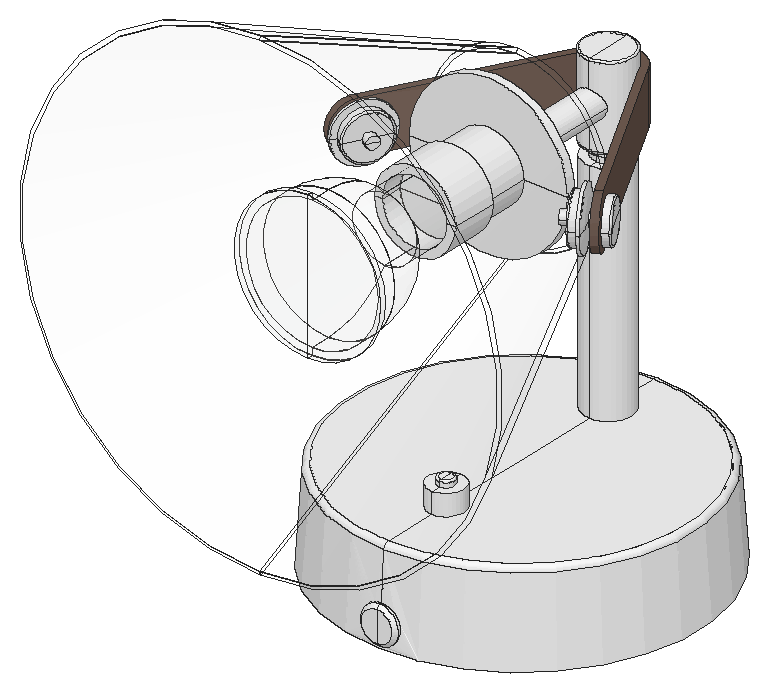
Revit family "Lighting_Wall-Mounted_Nordlux_Strap_15", category Lighting Fixtures, host Face, Revit 2017 (continued)
Types (9, lengths in mm): name | URL | Photometric Web File | built-in parameter 1150142 | ModelReference | Model | Material | LightFixtureSecondaryMaterial | LightFixtureQuaternaryMaterial | LightFixtureMainMaterial | Finish | Features | EANNumber | Color | ArticleNumber
  Strap 15 - black with brown straps | "https://www.nordlux.com/products/product/84291003" | "8429 Strap 15 Væg Hvid.ies" | "IESNA:LM-63-2002\r\n[TEST] Viso LabSpion - serial: 3247052577 sensor serial: 0408532695\r\n[TESTLAB] Viso LabSpion - serial: 3247052577 sensor serial: 0408532695 - Test lab\r\n[MANUFAC] Nordlux\r\n[ISSUEDATE] 29-05-2019\r\n[LUMINAIRE] 8429 Strap 15 Væg Hvid\r\n[LUMCAT] B2019126\r\n[_SERIALNUMBER] VFR-190529-0323-MS\r\nTILT=NONE\r\n1 606 1 91 5 1 2 -0.165 -0.165 0.17\r\n1.0 1.0 6.49\r\n0 2 4 6 8 10 12 14 16 18 20 22 24 26 28 30 32 34 36 38 40 42 44 46 48 50 52 54 56 58 60 62 64 66 68 70 72 74 76 78 80 82 84 86 88 90 92 94 96 98 100 102 104 106 108 110 112 114 116 118 120 122 124 126 128 130 132 134 136 138 140 142\r\n 144 146 148 150 152 154 156 158 160 162 164 166 168 170 172 174 176 178 180\r\n0 90 180 270 360 \r\n899.4253 888.7734 871.5104 846.6705 806.5316 752.0361 690.8526 626.2958 563.7917 506.9897 457.272 412.6129 368.8921 327.5471 288.9357 251.9736 216.7967 184.5379 155.2464 129.0061 106.4351 87.432 71.5605 59.3482 50.0578 42.5813 36.5919\r\n 31.5708 27.4342 23.9479 21.1926 18.5899 16.2123 13.3011 9.8316 6.3714 3.8269 2.1783 1.4518 1.0742 0.9962 0.9253 0.8673 0.8092 0.795 0.7828 0.749 0.6891 0.6291 0.5886 0.5492 0.5621 0.6451 0.728 0.6771 0.6145 0.5983 0.6506 0.7029 0.6421\r\n 0.5682 0.5365 0.5725 0.6086 0.7052 0.8106 0.8913 0.9289 0.9665 0.8866 0.7857 0.7272 0.7508 0.7744 0.7599 0.7372 0.7108 0.6769 0.643 0.6863 0.7307 0.6975 0.6517 0.7915 0.8634 0.7736 0.6524 0.7089 0.8297 0.8314 0.7994\r\n899.4253 894.0393 872.7031 841.8943 799.0681 746.9332 687.378 622.0776 557.6409 498.7942 446.5349 400.9966 359.7044 320.0903 282.6289 247.3899 213.3974 180.2636 151.3317 126.1017 103.7486 85.1057 70.5243 59.1495 49.9094 42.2944 36.2334\r\n 31.0778 27.1409 23.5543 20.1291 17.5689 15.4709 12.879 9.5025 6.3133 3.6369 2.2445 1.1503 1.1324 1.1015 0.9708 0.84 0.788 0.7476 0.7056 0.6614 0.6173 0.6174 0.6213 0.6397 0.6785 0.7174 0.6922 0.6595 0.671 0.7522 0.8335 0.8454 0.8475\r\n 0.8412 0.8201 0.799 0.7794 0.76 0.766 0.8213 0.8767 0.8727 0.8569 0.8508 0.8658 0.8808 0.8672 0.8469 0.821 0.7818 0.7426 0.7311 0.7254 0.7229 0.7232 0.7367 0.7655 0.7829 0.7895 0.6705 0.885 0.9338 0.8807 0.7994\r\n899.4253 888.7734 871.5104 846.6705 806.5316 752.0361 690.8526 626.2958 563.7917 506.9897 457.272 412.6129 368.8921 327.5471 288.9357 251.9736 216.7967 184.5379 155.2464 129.0061 106.4351 87.432 71.5605 59.3482 50.0578 42.5813 36.5919\r\n 31.5708 27.4342 23.9479 21.1926 18.5899 16.2123 13.3011 9.8316 6.3714 3.8269 2.1783 1.4518 1.0742 0.9962 0.9253 0.8673 0.8092 0.795 0.7828 0.749 0.6891 0.6291 0.5886 0.5492 0.5621 0.6451 0.728 0.6771 0.6145 0.5983 0.6506 0.7029 0.6421\r\n 0.5682 0.5365 0.5725 0.6086 0.7052 0.8106 0.8913 0.9289 0.9665 0.8866 0.7857 0.7272 0.7508 0.7744 0.7599 0.7372 0.7108 0.6769 0.643 0.6863 0.7307 0.6975 0.6517 0.7915 0.8634 0.7736 0.6524 0.7089 0.8297 0.8314 0.7994\r\n899.4253 894.0393 872.7031 841.8943 799.0681 746.9332 687.378 622.0776 557.6409 498.7942 446.5349 400.9966 359.7044 320.0903 282.6289 247.3899 213.3974 180.2636 151.3317 126.1017 103.7486 85.1057 70.5243 59.1495 49.9094 42.2944 36.2334\r\n 31.0778 27.1409 23.5543 20.1291 17.5689 15.4709 12.879 9.5025 6.3133 3.6369 2.2445 1.1503 1.1324 1.1015 0.9708 0.84 0.788 0.7476 0.7056 0.6614 0.6173 0.6174 0.6213 0.6397 0.6785 0.7174 0.6922 0.6595 0.671 0.7522 0.8335 0.8454 0.8475\r\n 0.8412 0.8201 0.799 0.7794 0.76 0.766 0.8213 0.8767 0.8727 0.8569 0.8508 0.8658 0.8808 0.8672 0.8469 0.821 0.7818 0.7426 0.7311 0.7254 0.7229 0.7232 0.7367 0.7655 0.7829 0.7895 0.6705 0.885 0.9338 0.8807 0.7994\r\n899.4253 888.7734 871.5104 846.6705 806.5316 752.0361 690.8526 626.2958 563.7917 506.9897 457.272 412.6129 368.8921 327.5471 288.9357 251.9736 216.7967 184.5379 155.2464 129.0061 106.4351 87.432 71.5605 59.3482 50.0578 42.5813 36.5919\r\n 31.5708 27.4342 23.9479 21.1926 18.5899 16.2123 13.3011 9.8316 6.3714 3.8269 2.1783 1.4518 1.0742 0.9962 0.9253 0.8673 0.8092 0.795 0.7828 0.749 0.6891 0.6291 0.5886 0.5492 0.5621 0.6451 0.728 0.6771 0.6145 0.5983 0.6506 0.7029 0.6421\r\n 0.5682 0.5365 0.5725 0.6086 0.7052 0.8106 0.8913 0.9289 0.9665 0.8866 0.7857 0.7272 0.7508 0.7744 0.7599 0.7372 0.7108 0.6769 0.643 0.6863 0.7307 0.6975 0.6517 0.7915 0.8634 0.7736 0.6524 0.7089 0.8297 0.8314 0.7994\r\n" | "84291003" | "Strap 15 - black with brown straps" | "Metal & leather" | Brown leather | Black | Black | "Primary material metal, secondary material leather, textile cable." | "Black textile cable 200cm. Cable can be replaced." | "5701581364783" | "Black" | "84291003"
  Strap 15 - white with black straps | "https://www.nordlux.com/products/product/84291001" | "8429 Strap 15 Væg Hvid.ies" | "IESNA:LM-63-2002\r\n[TEST] Viso LabSpion - serial: 3247052577 sensor serial: 0408532695\r\n[TESTLAB] Viso LabSpion - serial: 3247052577 sensor serial: 0408532695 - Test lab\r\n[MANUFAC] Nordlux\r\n[ISSUEDATE] 29-05-2019\r\n[LUMINAIRE] 8429 Strap 15 Væg Hvid\r\n[LUMCAT] B2019126\r\n[_SERIALNUMBER] VFR-190529-0323-MS\r\nTILT=NONE\r\n1 606 1 91 5 1 2 -0.165 -0.165 0.17\r\n1.0 1.0 6.49\r\n0 2 4 6 8 10 12 14 16 18 20 22 24 26 28 30 32 34 36 38 40 42 44 46 48 50 52 54 56 58 60 62 64 66 68 70 72 74 76 78 80 82 84 86 88 90 92 94 96 98 100 102 104 106 108 110 112 114 116 118 120 122 124 126 128 130 132 134 136 138 140 142\r\n 144 146 148 150 152 154 156 158 160 162 164 166 168 170 172 174 176 178 180\r\n0 90 180 270 360 \r\n899.4253 888.7734 871.5104 846.6705 806.5316 752.0361 690.8526 626.2958 563.7917 506.9897 457.272 412.6129 368.8921 327.5471 288.9357 251.9736 216.7967 184.5379 155.2464 129.0061 106.4351 87.432 71.5605 59.3482 50.0578 42.5813 36.5919\r\n 31.5708 27.4342 23.9479 21.1926 18.5899 16.2123 13.3011 9.8316 6.3714 3.8269 2.1783 1.4518 1.0742 0.9962 0.9253 0.8673 0.8092 0.795 0.7828 0.749 0.6891 0.6291 0.5886 0.5492 0.5621 0.6451 0.728 0.6771 0.6145 0.5983 0.6506 0.7029 0.6421\r\n 0.5682 0.5365 0.5725 0.6086 0.7052 0.8106 0.8913 0.9289 0.9665 0.8866 0.7857 0.7272 0.7508 0.7744 0.7599 0.7372 0.7108 0.6769 0.643 0.6863 0.7307 0.6975 0.6517 0.7915 0.8634 0.7736 0.6524 0.7089 0.8297 0.8314 0.7994\r\n899.4253 894.0393 872.7031 841.8943 799.0681 746.9332 687.378 622.0776 557.6409 498.7942 446.5349 400.9966 359.7044 320.0903 282.6289 247.3899 213.3974 180.2636 151.3317 126.1017 103.7486 85.1057 70.5243 59.1495 49.9094 42.2944 36.2334\r\n 31.0778 27.1409 23.5543 20.1291 17.5689 15.4709 12.879 9.5025 6.3133 3.6369 2.2445 1.1503 1.1324 1.1015 0.9708 0.84 0.788 0.7476 0.7056 0.6614 0.6173 0.6174 0.6213 0.6397 0.6785 0.7174 0.6922 0.6595 0.671 0.7522 0.8335 0.8454 0.8475\r\n 0.8412 0.8201 0.799 0.7794 0.76 0.766 0.8213 0.8767 0.8727 0.8569 0.8508 0.8658 0.8808 0.8672 0.8469 0.821 0.7818 0.7426 0.7311 0.7254 0.7229 0.7232 0.7367 0.7655 0.7829 0.7895 0.6705 0.885 0.9338 0.8807 0.7994\r\n899.4253 888.7734 871.5104 846.6705 806.5316 752.0361 690.8526 626.2958 563.7917 506.9897 457.272 412.6129 368.8921 327.5471 288.9357 251.9736 216.7967 184.5379 155.2464 129.0061 106.4351 87.432 71.5605 59.3482 50.0578 42.5813 36.5919\r\n 31.5708 27.4342 23.9479 21.1926 18.5899 16.2123 13.3011 9.8316 6.3714 3.8269 2.1783 1.4518 1.0742 0.9962 0.9253 0.8673 0.8092 0.795 0.7828 0.749 0.6891 0.6291 0.5886 0.5492 0.5621 0.6451 0.728 0.6771 0.6145 0.5983 0.6506 0.7029 0.6421\r\n 0.5682 0.5365 0.5725 0.6086 0.7052 0.8106 0.8913 0.9289 0.9665 0.8866 0.7857 0.7272 0.7508 0.7744 0.7599 0.7372 0.7108 0.6769 0.643 0.6863 0.7307 0.6975 0.6517 0.7915 0.8634 0.7736 0.6524 0.7089 0.8297 0.8314 0.7994\r\n899.4253 894.0393 872.7031 841.8943 799.0681 746.9332 687.378 622.0776 557.6409 498.7942 446.5349 400.9966 359.7044 320.0903 282.6289 247.3899 213.3974 180.2636 151.3317 126.1017 103.7486 85.1057 70.5243 59.1495 49.9094 42.2944 36.2334\r\n 31.0778 27.1409 23.5543 20.1291 17.5689 15.4709 12.879 9.5025 6.3133 3.6369 2.2445 1.1503 1.1324 1.1015 0.9708 0.84 0.788 0.7476 0.7056 0.6614 0.6173 0.6174 0.6213 0.6397 0.6785 0.7174 0.6922 0.6595 0.671 0.7522 0.8335 0.8454 0.8475\r\n 0.8412 0.8201 0.799 0.7794 0.76 0.766 0.8213 0.8767 0.8727 0.8569 0.8508 0.8658 0.8808 0.8672 0.8469 0.821 0.7818 0.7426 0.7311 0.7254 0.7229 0.7232 0.7367 0.7655 0.7829 0.7895 0.6705 0.885 0.9338 0.8807 0.7994\r\n899.4253 888.7734 871.5104 846.6705 806.5316 752.0361 690.8526 626.2958 563.7917 506.9897 457.272 412.6129 368.8921 327.5471 288.9357 251.9736 216.7967 184.5379 155.2464 129.0061 106.4351 87.432 71.5605 59.3482 50.0578 42.5813 36.5919\r\n 31.5708 27.4342 23.9479 21.1926 18.5899 16.2123 13.3011 9.8316 6.3714 3.8269 2.1783 1.4518 1.0742 0.9962 0.9253 0.8673 0.8092 0.795 0.7828 0.749 0.6891 0.6291 0.5886 0.5492 0.5621 0.6451 0.728 0.6771 0.6145 0.5983 0.6506 0.7029 0.6421\r\n 0.5682 0.5365 0.5725 0.6086 0.7052 0.8106 0.8913 0.9289 0.9665 0.8866 0.7857 0.7272 0.7508 0.7744 0.7599 0.7372 0.7108 0.6769 0.643 0.6863 0.7307 0.6975 0.6517 0.7915 0.8634 0.7736 0.6524 0.7089 0.8297 0.8314 0.7994\r\n" | "84291001" | "Strap 15 - white  with black straps" | "Metal & leather" | Black leather | White | White | "Primary material metal, secondary material leather, textile cable." | "White textile cable 200cm. Cable can be replaced." | "5701581364684" | "White" | "84291001"
  Strap 15 - white with brown straps | "https://www.nordlux.com/products/product/84291001" | "8429 Strap 15 Væg Hvid.ies" | "IESNA:LM-63-2002\r\n[TEST] Viso LabSpion - serial: 3247052577 sensor serial: 0408532695\r\n[TESTLAB] Viso LabSpion - serial: 3247052577 sensor serial: 0408532695 - Test lab\r\n[MANUFAC] Nordlux\r\n[ISSUEDATE] 29-05-2019\r\n[LUMINAIRE] 8429 Strap 15 Væg Hvid\r\n[LUMCAT] B2019126\r\n[_SERIALNUMBER] VFR-190529-0323-MS\r\nTILT=NONE\r\n1 606 1 91 5 1 2 -0.165 -0.165 0.17\r\n1.0 1.0 6.49\r\n0 2 4 6 8 10 12 14 16 18 20 22 24 26 28 30 32 34 36 38 40 42 44 46 48 50 52 54 56 58 60 62 64 66 68 70 72 74 76 78 80 82 84 86 88 90 92 94 96 98 100 102 104 106 108 110 112 114 116 118 120 122 124 126 128 130 132 134 136 138 140 142\r\n 144 146 148 150 152 154 156 158 160 162 164 166 168 170 172 174 176 178 180\r\n0 90 180 270 360 \r\n899.4253 888.7734 871.5104 846.6705 806.5316 752.0361 690.8526 626.2958 563.7917 506.9897 457.272 412.6129 368.8921 327.5471 288.9357 251.9736 216.7967 184.5379 155.2464 129.0061 106.4351 87.432 71.5605 59.3482 50.0578 42.5813 36.5919\r\n 31.5708 27.4342 23.9479 21.1926 18.5899 16.2123 13.3011 9.8316 6.3714 3.8269 2.1783 1.4518 1.0742 0.9962 0.9253 0.8673 0.8092 0.795 0.7828 0.749 0.6891 0.6291 0.5886 0.5492 0.5621 0.6451 0.728 0.6771 0.6145 0.5983 0.6506 0.7029 0.6421\r\n 0.5682 0.5365 0.5725 0.6086 0.7052 0.8106 0.8913 0.9289 0.9665 0.8866 0.7857 0.7272 0.7508 0.7744 0.7599 0.7372 0.7108 0.6769 0.643 0.6863 0.7307 0.6975 0.6517 0.7915 0.8634 0.7736 0.6524 0.7089 0.8297 0.8314 0.7994\r\n899.4253 894.0393 872.7031 841.8943 799.0681 746.9332 687.378 622.0776 557.6409 498.7942 446.5349 400.9966 359.7044 320.0903 282.6289 247.3899 213.3974 180.2636 151.3317 126.1017 103.7486 85.1057 70.5243 59.1495 49.9094 42.2944 36.2334\r\n 31.0778 27.1409 23.5543 20.1291 17.5689 15.4709 12.879 9.5025 6.3133 3.6369 2.2445 1.1503 1.1324 1.1015 0.9708 0.84 0.788 0.7476 0.7056 0.6614 0.6173 0.6174 0.6213 0.6397 0.6785 0.7174 0.6922 0.6595 0.671 0.7522 0.8335 0.8454 0.8475\r\n 0.8412 0.8201 0.799 0.7794 0.76 0.766 0.8213 0.8767 0.8727 0.8569 0.8508 0.8658 0.8808 0.8672 0.8469 0.821 0.7818 0.7426 0.7311 0.7254 0.7229 0.7232 0.7367 0.7655 0.7829 0.7895 0.6705 0.885 0.9338 0.8807 0.7994\r\n899.4253 888.7734 871.5104 846.6705 806.5316 752.0361 690.8526 626.2958 563.7917 506.9897 457.272 412.6129 368.8921 327.5471 288.9357 251.9736 216.7967 184.5379 155.2464 129.0061 106.4351 87.432 71.5605 59.3482 50.0578 42.5813 36.5919\r\n 31.5708 27.4342 23.9479 21.1926 18.5899 16.2123 13.3011 9.8316 6.3714 3.8269 2.1783 1.4518 1.0742 0.9962 0.9253 0.8673 0.8092 0.795 0.7828 0.749 0.6891 0.6291 0.5886 0.5492 0.5621 0.6451 0.728 0.6771 0.6145 0.5983 0.6506 0.7029 0.6421\r\n 0.5682 0.5365 0.5725 0.6086 0.7052 0.8106 0.8913 0.9289 0.9665 0.8866 0.7857 0.7272 0.7508 0.7744 0.7599 0.7372 0.7108 0.6769 0.643 0.6863 0.7307 0.6975 0.6517 0.7915 0.8634 0.7736 0.6524 0.7089 0.8297 0.8314 0.7994\r\n899.4253 894.0393 872.7031 841.8943 799.0681 746.9332 687.378 622.0776 557.6409 498.7942 446.5349 400.9966 359.7044 320.0903 282.6289 247.3899 213.3974 180.2636 151.3317 126.1017 103.7486 85.1057 70.5243 59.1495 49.9094 42.2944 36.2334\r\n 31.0778 27.1409 23.5543 20.1291 17.5689 15.4709 12.879 9.5025 6.3133 3.6369 2.2445 1.1503 1.1324 1.1015 0.9708 0.84 0.788 0.7476 0.7056 0.6614 0.6173 0.6174 0.6213 0.6397 0.6785 0.7174 0.6922 0.6595 0.671 0.7522 0.8335 0.8454 0.8475\r\n 0.8412 0.8201 0.799 0.7794 0.76 0.766 0.8213 0.8767 0.8727 0.8569 0.8508 0.8658 0.8808 0.8672 0.8469 0.821 0.7818 0.7426 0.7311 0.7254 0.7229 0.7232 0.7367 0.7655 0.7829 0.7895 0.6705 0.885 0.9338 0.8807 0.7994\r\n899.4253 888.7734 871.5104 846.6705 806.5316 752.0361 690.8526 626.2958 563.7917 506.9897 457.272 412.6129 368.8921 327.5471 288.9357 251.9736 216.7967 184.5379 155.2464 129.0061 106.4351 87.432 71.5605 59.3482 50.0578 42.5813 36.5919\r\n 31.5708 27.4342 23.9479 21.1926 18.5899 16.2123 13.3011 9.8316 6.3714 3.8269 2.1783 1.4518 1.0742 0.9962 0.9253 0.8673 0.8092 0.795 0.7828 0.749 0.6891 0.6291 0.5886 0.5492 0.5621 0.6451 0.728 0.6771 0.6145 0.5983 0.6506 0.7029 0.6421\r\n 0.5682 0.5365 0.5725 0.6086 0.7052 0.8106 0.8913 0.9289 0.9665 0.8866 0.7857 0.7272 0.7508 0.7744 0.7599 0.7372 0.7108 0.6769 0.643 0.6863 0.7307 0.6975 0.6517 0.7915 0.8634 0.7736 0.6524 0.7089 0.8297 0.8314 0.7994\r\n" | "84291001" | "Strap 15 - white  with brown straps" | "Metal & leather" | Brown leather | White | White | "Primary material metal, secondary material leather, textile cable." | "White textile cable 200cm. Cable can be replaced." | "5701581364684" | "White" | "84291001"
  Strap 15 - black/white opal with black straps | "https://www.nordlux.com/products/product/46241003" | "4624 Strap 15 Væg Opal.ies" | "IESNA:LM-63-2002\r\n[TEST] Viso LabSpion - serial: 3247052577 sensor serial: 0408532695\r\n[TESTLAB] Viso LabSpion - serial: 3247052577 sensor serial: 0408532695 - Test lab\r\n[MANUFAC] Nordlux\r\n[ISSUEDATE] 29-05-2019\r\n[LUMINAIRE] 4624 Strap 15 Væg Opal\r\n[LUMCAT] B2019125\r\n[_SERIALNUMBER] VFR-190529-0321-MS\r\nTILT=NONE\r\n1 328 1 37 5 1 2 -0.165 -0.165 0.17\r\n1.0 1.0 3.18\r\n0 5 10 15 20 25 30 35 40 45 50 55 60 65 70 75 80 85 90 95 100 105 110 115 120 125 130 135 140 145 150 155 160 165 170 175 180\r\n0 90 180 270 360 \r\n42.1608 42.3999 43.8505 45.6332 47.7112 50.6735 54.0789 56.6676 58.7667 60.5339 61.404 61.2536 59.6495 54.0263 39.0048 22.6422 14.5886 11.725 10.6859 10.9872 11.6476 12.0829 12.5312 12.9415 13.392 13.4536 13.3948 13.4217 13.0929 12.7963\r\n 12.3718 11.5723 10.0573 7.6818 3.7419 0.6895 0.6023\r\n42.1608 42.6015 44.1435 45.6504 47.9814 50.3764 54.1817 57.659 60.1436 62.4715 63.3401 62.9755 61.3631 56.4468 39.0859 20.2125 14.4085 12.0083 10.5858 11.0173 11.1719 9.3983 4.6273 3.8678 4.2458 4.5984 4.8098 4.7699 4.9825 5.2416 5.4197\r\n 5.4675 4.8666 3.3069 1.7563 1.0618 0.6023\r\n42.1608 42.3999 43.8505 45.6332 47.7112 50.6735 54.0789 56.6676 58.7667 60.5339 61.404 61.2536 59.6495 54.0263 39.0048 22.6422 14.5886 11.725 10.6859 10.9872 11.6476 12.0829 12.5312 12.9415 13.392 13.4536 13.3948 13.4217 13.0929 12.7963\r\n 12.3718 11.5723 10.0573 7.6818 3.7419 0.6895 0.6023\r\n42.1608 42.6015 44.1435 45.6504 47.9814 50.3764 54.1817 57.659 60.1436 62.4715 63.3401 62.9755 61.3631 56.4468 39.0859 20.2125 14.4085 12.0083 10.5858 11.0173 11.1719 9.3983 4.6273 3.8678 4.2458 4.5984 4.8098 4.7699 4.9825 5.2416 5.4197\r\n 5.4675 4.8666 3.3069 1.7563 1.0618 0.6023\r\n42.1608 42.3999 43.8505 45.6332 47.7112 50.6735 54.0789 56.6676 58.7667 60.5339 61.404 61.2536 59.6495 54.0263 39.0048 22.6422 14.5886 11.725 10.6859 10.9872 11.6476 12.0829 12.5312 12.9415 13.392 13.4536 13.3948 13.4217 13.0929 12.7963\r\n 12.3718 11.5723 10.0573 7.6818 3.7419 0.6895 0.6023\r\n" | "46241003" | "Strap 15 - black/white opal with black straps" | "Glass, metal & leather" | Black leather | Opal white | Black | "Primary material glass, secondary material leather, textile cable." | "Black textile cable 200cm. Cable can be replaced." | "5701581397583" | "Black/white" | "46241003"
  Strap 15 - black/white opal with brown straps | "https://www.nordlux.com/products/product/46241003" | "4624 Strap 15 Væg Opal.ies" | "IESNA:LM-63-2002\r\n[TEST] Viso LabSpion - serial: 3247052577 sensor serial: 0408532695\r\n[TESTLAB] Viso LabSpion - serial: 3247052577 sensor serial: 0408532695 - Test lab\r\n[MANUFAC] Nordlux\r\n[ISSUEDATE] 29-05-2019\r\n[LUMINAIRE] 4624 Strap 15 Væg Opal\r\n[LUMCAT] B2019125\r\n[_SERIALNUMBER] VFR-190529-0321-MS\r\nTILT=NONE\r\n1 328 1 37 5 1 2 -0.165 -0.165 0.17\r\n1.0 1.0 3.18\r\n0 5 10 15 20 25 30 35 40 45 50 55 60 65 70 75 80 85 90 95 100 105 110 115 120 125 130 135 140 145 150 155 160 165 170 175 180\r\n0 90 180 270 360 \r\n42.1608 42.3999 43.8505 45.6332 47.7112 50.6735 54.0789 56.6676 58.7667 60.5339 61.404 61.2536 59.6495 54.0263 39.0048 22.6422 14.5886 11.725 10.6859 10.9872 11.6476 12.0829 12.5312 12.9415 13.392 13.4536 13.3948 13.4217 13.0929 12.7963\r\n 12.3718 11.5723 10.0573 7.6818 3.7419 0.6895 0.6023\r\n42.1608 42.6015 44.1435 45.6504 47.9814 50.3764 54.1817 57.659 60.1436 62.4715 63.3401 62.9755 61.3631 56.4468 39.0859 20.2125 14.4085 12.0083 10.5858 11.0173 11.1719 9.3983 4.6273 3.8678 4.2458 4.5984 4.8098 4.7699 4.9825 5.2416 5.4197\r\n 5.4675 4.8666 3.3069 1.7563 1.0618 0.6023\r\n42.1608 42.3999 43.8505 45.6332 47.7112 50.6735 54.0789 56.6676 58.7667 60.5339 61.404 61.2536 59.6495 54.0263 39.0048 22.6422 14.5886 11.725 10.6859 10.9872 11.6476 12.0829 12.5312 12.9415 13.392 13.4536 13.3948 13.4217 13.0929 12.7963\r\n 12.3718 11.5723 10.0573 7.6818 3.7419 0.6895 0.6023\r\n42.1608 42.6015 44.1435 45.6504 47.9814 50.3764 54.1817 57.659 60.1436 62.4715 63.3401 62.9755 61.3631 56.4468 39.0859 20.2125 14.4085 12.0083 10.5858 11.0173 11.1719 9.3983 4.6273 3.8678 4.2458 4.5984 4.8098 4.7699 4.9825 5.2416 5.4197\r\n 5.4675 4.8666 3.3069 1.7563 1.0618 0.6023\r\n42.1608 42.3999 43.8505 45.6332 47.7112 50.6735 54.0789 56.6676 58.7667 60.5339 61.404 61.2536 59.6495 54.0263 39.0048 22.6422 14.5886 11.725 10.6859 10.9872 11.6476 12.0829 12.5312 12.9415 13.392 13.4536 13.3948 13.4217 13.0929 12.7963\r\n 12.3718 11.5723 10.0573 7.6818 3.7419 0.6895 0.6023\r\n" | "46241003" | "Strap 15 - black/white opal with brown straps" | "Glass, metal & leather" | Brown leather | Opal white | Black | "Primary material glass, secondary material leather, textile cable." | "Black textile cable 200cm. Cable can be replaced." | "5701581397583" | "Black/white" | "46241003"
  Strap 15 - white/white opal with black straps | "https://www.nordlux.com/products/product/46241001" | "4624 Strap 15 Væg Opal.ies" | "IESNA:LM-63-2002\r\n[TEST] Viso LabSpion - serial: 3247052577 sensor serial: 0408532695\r\n[TESTLAB] Viso LabSpion - serial: 3247052577 sensor serial: 0408532695 - Test lab\r\n[MANUFAC] Nordlux\r\n[ISSUEDATE] 29-05-2019\r\n[LUMINAIRE] 4624 Strap 15 Væg Opal\r\n[LUMCAT] B2019125\r\n[_SERIALNUMBER] VFR-190529-0321-MS\r\nTILT=NONE\r\n1 328 1 37 5 1 2 -0.165 -0.165 0.17\r\n1.0 1.0 3.18\r\n0 5 10 15 20 25 30 35 40 45 50 55 60 65 70 75 80 85 90 95 100 105 110 115 120 125 130 135 140 145 150 155 160 165 170 175 180\r\n0 90 180 270 360 \r\n42.1608 42.3999 43.8505 45.6332 47.7112 50.6735 54.0789 56.6676 58.7667 60.5339 61.404 61.2536 59.6495 54.0263 39.0048 22.6422 14.5886 11.725 10.6859 10.9872 11.6476 12.0829 12.5312 12.9415 13.392 13.4536 13.3948 13.4217 13.0929 12.7963\r\n 12.3718 11.5723 10.0573 7.6818 3.7419 0.6895 0.6023\r\n42.1608 42.6015 44.1435 45.6504 47.9814 50.3764 54.1817 57.659 60.1436 62.4715 63.3401 62.9755 61.3631 56.4468 39.0859 20.2125 14.4085 12.0083 10.5858 11.0173 11.1719 9.3983 4.6273 3.8678 4.2458 4.5984 4.8098 4.7699 4.9825 5.2416 5.4197\r\n 5.4675 4.8666 3.3069 1.7563 1.0618 0.6023\r\n42.1608 42.3999 43.8505 45.6332 47.7112 50.6735 54.0789 56.6676 58.7667 60.5339 61.404 61.2536 59.6495 54.0263 39.0048 22.6422 14.5886 11.725 10.6859 10.9872 11.6476 12.0829 12.5312 12.9415 13.392 13.4536 13.3948 13.4217 13.0929 12.7963\r\n 12.3718 11.5723 10.0573 7.6818 3.7419 0.6895 0.6023\r\n42.1608 42.6015 44.1435 45.6504 47.9814 50.3764 54.1817 57.659 60.1436 62.4715 63.3401 62.9755 61.3631 56.4468 39.0859 20.2125 14.4085 12.0083 10.5858 11.0173 11.1719 9.3983 4.6273 3.8678 4.2458 4.5984 4.8098 4.7699 4.9825 5.2416 5.4197\r\n 5.4675 4.8666 3.3069 1.7563 1.0618 0.6023\r\n42.1608 42.3999 43.8505 45.6332 47.7112 50.6735 54.0789 56.6676 58.7667 60.5339 61.404 61.2536 59.6495 54.0263 39.0048 22.6422 14.5886 11.725 10.6859 10.9872 11.6476 12.0829 12.5312 12.9415 13.392 13.4536 13.3948 13.4217 13.0929 12.7963\r\n 12.3718 11.5723 10.0573 7.6818 3.7419 0.6895 0.6023\r\n" | "46241001" | "Strap 15 - white/white opal with black straps" | "Glass, metal & leather" | Black leather | Opal white | White | "Primary material glass, secondary material leather, textile cable." | "White textile cable 200cm. Cable can be replaced." | "5701581397484" | "White" | "46241001"
  Strap 15 - white/white opal with brown straps | "https://www.nordlux.com/products/product/46241001" | "4624 Strap 15 Væg Opal.ies" | "IESNA:LM-63-2002\r\n[TEST] Viso LabSpion - serial: 3247052577 sensor serial: 0408532695\r\n[TESTLAB] Viso LabSpion - serial: 3247052577 sensor serial: 0408532695 - Test lab\r\n[MANUFAC] Nordlux\r\n[ISSUEDATE] 29-05-2019\r\n[LUMINAIRE] 4624 Strap 15 Væg Opal\r\n[LUMCAT] B2019125\r\n[_SERIALNUMBER] VFR-190529-0321-MS\r\nTILT=NONE\r\n1 328 1 37 5 1 2 -0.165 -0.165 0.17\r\n1.0 1.0 3.18\r\n0 5 10 15 20 25 30 35 40 45 50 55 60 65 70 75 80 85 90 95 100 105 110 115 120 125 130 135 140 145 150 155 160 165 170 175 180\r\n0 90 180 270 360 \r\n42.1608 42.3999 43.8505 45.6332 47.7112 50.6735 54.0789 56.6676 58.7667 60.5339 61.404 61.2536 59.6495 54.0263 39.0048 22.6422 14.5886 11.725 10.6859 10.9872 11.6476 12.0829 12.5312 12.9415 13.392 13.4536 13.3948 13.4217 13.0929 12.7963\r\n 12.3718 11.5723 10.0573 7.6818 3.7419 0.6895 0.6023\r\n42.1608 42.6015 44.1435 45.6504 47.9814 50.3764 54.1817 57.659 60.1436 62.4715 63.3401 62.9755 61.3631 56.4468 39.0859 20.2125 14.4085 12.0083 10.5858 11.0173 11.1719 9.3983 4.6273 3.8678 4.2458 4.5984 4.8098 4.7699 4.9825 5.2416 5.4197\r\n 5.4675 4.8666 3.3069 1.7563 1.0618 0.6023\r\n42.1608 42.3999 43.8505 45.6332 47.7112 50.6735 54.0789 56.6676 58.7667 60.5339 61.404 61.2536 59.6495 54.0263 39.0048 22.6422 14.5886 11.725 10.6859 10.9872 11.6476 12.0829 12.5312 12.9415 13.392 13.4536 13.3948 13.4217 13.0929 12.7963\r\n 12.3718 11.5723 10.0573 7.6818 3.7419 0.6895 0.6023\r\n42.1608 42.6015 44.1435 45.6504 47.9814 50.3764 54.1817 57.659 60.1436 62.4715 63.3401 62.9755 61.3631 56.4468 39.0859 20.2125 14.4085 12.0083 10.5858 11.0173 11.1719 9.3983 4.6273 3.8678 4.2458 4.5984 4.8098 4.7699 4.9825 5.2416 5.4197\r\n 5.4675 4.8666 3.3069 1.7563 1.0618 0.6023\r\n42.1608 42.3999 43.8505 45.6332 47.7112 50.6735 54.0789 56.6676 58.7667 60.5339 61.404 61.2536 59.6495 54.0263 39.0048 22.6422 14.5886 11.725 10.6859 10.9872 11.6476 12.0829 12.5312 12.9415 13.392 13.4536 13.3948 13.4217 13.0929 12.7963\r\n 12.3718 11.5723 10.0573 7.6818 3.7419 0.6895 0.6023\r\n" | "46241001" | "Strap 15 - white/white opal with brown straps" | "Glass, metal & leather" | Brown leather | Opal white | White | "Primary material glass, secondary material leather, textile cable." | "White textile cable 200cm. Cable can be replaced." | "5701581397484" | "White" | "46241001"
